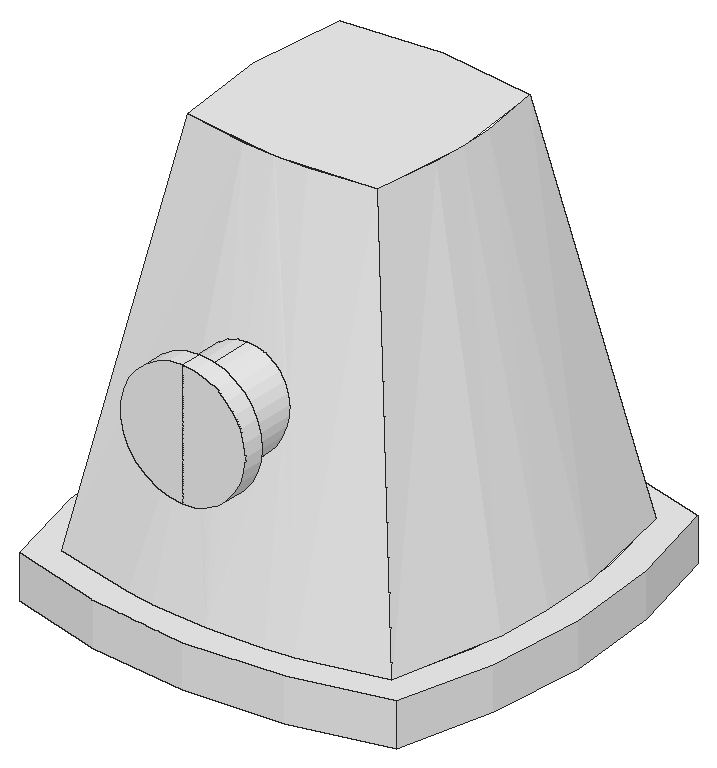
Revit family "Shower_Elbow-GROHE-Grandera-27971_Series", category Plumbing Fixtures, host Face, Revit 2014
Parameters (values of type "27971000")
  Width = 2 97/128"
  Waste Connection = no
  Warranty Documentation Link = "https://cdn.cloud.grohe.com/tpi/1000/1900/1940/1949/1949006/original/1949006.pdf"
  WFU = 4  # constant formula
  Vent Connection = no
  URL = "https://www.grohe.us/"
  Type Comments = ""
  Tempered Connection Radius = Tempered Connection Diameter / 2  # 1/4"
  Tempered Connection Diameter = Hot Water Connection Diameter  # 1/2"
  Product Page URL = "https://www.grohe.us/en_us/grandera-shower-outlet-elbow-27971000.html"
  Price = "Prices may vary. Please consult Manufacturer Representative for most up-to-date price list."  # constant formula
  Model = "27971000"
  Material = "Metal-Grohe-000-Chrome"
  Manufacturer = "Grohe"
  Length = 3 3/16"  # constant formula
  Installation Type = "Wall Mounted"
  Hot Water Connection Radius = Hot Water Connection Diameter / 2  # 1/4"
  Hot Water Connection Diameter = Cold Water Connection Diameter  # 1/2"
  Height = 2 183/256"
  HWFU = 3  # constant formula
  Finish = Metal-Grohe-000-Chrome
  Description = "Grandera Shower Outlet Elbow"  # constant formula
  Default Elevation = 0"  # constant formula
  Creation Date = "03/08/2017"  # constant formula
  Cold Water Connection Radius = 1/4"  # constant formula
  Cold Water Connection Diameter = Cold Water Connection Radius * 2  # 1/2"
  CWFU = 3  # constant formula
  Assembly Code = "D2090800"
Types (3): name | Product Page URL | Model | Material | Finish
  (no name) | "https://www.grohe.us/en_us/grandera-shower-outlet-elbow-27971000.html" | "27971000" | "Metal-Grohe-000-Chrome" | Metal-Grohe-000-Chrome
  27971000 | "https://www.grohe.us/en_us/grandera-shower-outlet-elbow-27971000.html" | "27971000" | "Metal-Grohe-000-Chrome" | Metal-Grohe-000-Chrome
  27971EN0 | "https://www.grohe.us/en_us/grandera-shower-outlet-elbow-27971EN0.html" | "27971EN0" | "Metal-Grohe-EN0-Brushed Nickel" | Metal-Grohe-EN0-Brushed Nickel
Reference planes (in)
  plane 1 "Center (Front/Back)": y = 0
  plane 2: z = 0
  plane 3 "Center (Left/Right)": x = 0
  plane 4: y = 1.37891
  plane 5: y = -1.37891
  plane 6: y = -0.75787
  plane 7: y = 0.75787
  plane 8: x = -1.37891
  plane 9: x = 1.37891
  plane 10: z = 1.4375
  plane 11: z = 2.6875
  plane 12: z = 1.6875
Forms (in)
  Extrusion 1, solid, material "Metal-Grohe-000-Chrome" <- "Finish"
    sketch origin (0, 0, 0) x (1, 0, 0) y (0, 1, 0)
      loop
        arc (1.18145, 1.18144) -> (0, 1.3782) -> (-1.18144, 1.18144) r 3.64541
        arc (-1.18144, 1.18144) -> (-1.3782, 0) -> (-1.18144, -1.18144) r 3.64541
        arc (-1.18144, -1.18144) -> (0, -1.3782) -> (1.18145, -1.18144) r 3.64541
        arc (1.18145, -1.18144) -> (1.37811, 0) -> (1.18145, 1.18144) r 3.64703
    from 0 to 0.2674
  Blend 2, solid, material "Metal-Grohe-000-Chrome" <- "Finish"
    base sketch origin (0, 0, 0) x (1, 0, 0) y (0, 1, 0)
      loop
        arc (1.0826, 1.08261) -> (0, 1.2532) -> (-1.08261, 1.0826) r 3.52041
        arc (-1.08261, 1.0826) -> (-1.2532, 0) -> (-1.0826, -1.08261) r 3.52041
        arc (-1.0826, -1.08261) -> (0, -1.2532) -> (1.0826, -1.08261) r 3.52041
        arc (1.0826, -1.08261) -> (1.25311, 0) -> (1.0826, 1.08261) r 3.52203
    top sketch origin (0, 0, 0) x (1, 0, 0) y (0, 1, 0)
      loop
        arc (0.5977, 0.59777) -> (-0.00003, 0.65945) -> (-0.59776, 0.59776) r 2.92666
        arc (-0.59776, 0.59776) -> (-0.65945, 0) -> (-0.59776, -0.59776) r 2.92666
        arc (-0.59776, -0.59776) -> (-0.00003, -0.65945) -> (0.5977, -0.59777) r 2.92666
        arc (0.5977, -0.59777) -> (0.65936, 0) -> (0.5977, 0.59777) r 2.92828
    from 0 to 2.6875
  Revolve 3, solid, material "Metal-Grohe-000-Chrome" <- "Finish"
    sketch origin (0, 0, 0) x (0, 1, 0) y (0, 0, 1)
      loop
        line (0, 1.4375) -> (0, 1.73437) -> (-1.25, 1.73437) -> (-1.25, 1.82897) -> (-1.37891, 1.82897) -> (-1.37891, 1.4375) -> (0, 1.4375)
      axis (-1.37891, 1.4375) -> (0, 1.4375)
    angle from 0 to 360
Cuts and joins
  joined: Extrusion 1, Blend 2, Revolve 3
Lines and regions (in)
  Masking region 1
    outline origin (0, 0, 0) x (1, 0, 0) y (0, 0, 1)
      loop
        line (1.37811, 0) -> (1.37811, 0.2674) -> (1.19404, 0.2674) -> (0.65936, 2.6875) -> (-0.65945, 2.6875) -> (-1.19413, 0.2674) -> (-1.3782, 0.2674) -> (-1.3782, 0) -> (1.37811, 0)
  symbolic lines, detail levels medium+fine
    curve 1: line (1.18145, 0, 0.2674) -> (-1.16858, 0, 0.2674)
  symbolic lines, detail levels fine
    curve 2: line (0.5977, 0, 2.6875) -> (1.03435, 0, 0.2674)
    curve 3: line (-1.03436, 0, 0.2674) -> (-0.59731, 0, 2.68996)
    curve 4: line (1.18145, 0, 0) -> (1.18145, 0, 0.2674)
    curve 5: line (-1.16858, 0, 0) -> (-1.16858, 0, 0.2674)
Dimensions and locks (in)
  equal spacing: plane 5, plane 1 "Center (Front/Back)", plane 4
  "Width": plane 5 to plane 4
  equal spacing: plane 8, plane 3 "Center (Left/Right)", plane 9
  "Width": plane 8 to plane 9
  aligned and locked: plane 2 to host face
  aligned and locked: level to host face
Automatic sketch dimensions
  host sketch curve to host sketch curve = 96"  (x2)
  plane 1 "Center (Front/Back)" to Extrusion 1 sketch curve = 0"  (x2)
  plane 3 "Center (Left/Right)" to Extrusion 1 sketch curve = 0"
  Extrusion 1 sketch curve to plane 9 = 0.88831"
  Extrusion 1 sketch curve to plane 5 = 0.88831"
  plane 8 to Extrusion 1 sketch curve = 0.19746"  (x2)
  plane 9 to Extrusion 1 sketch curve = 0.19746"  (x2)
  plane 5 to Extrusion 1 sketch curve = 0.19746"
  Extrusion 1 sketch curve to plane 8 = 0.89001"
  Extrusion 1 sketch curve to plane 4 = 0.88831"
  plane 1 "Center (Front/Back)" to Blend 2 sketch curve = 0"  (x4)
  Blend 2 sketch curve to plane 8 = 0.89001"  (x2)
  Blend 2 sketch curve to plane 3 "Center (Left/Right)" = 0"  (x2)
  plane 3 "Center (Left/Right)" to Blend 2 sketch curve = 0"  (x2)
  Blend 2 sketch curve to plane 9 = 0.88831"  (x2)
  Blend 2 sketch curve to plane 5 = 0.88831"  (x2)
  Blend 2 sketch curve to plane 4 = 0.88831"  (x2)
  plane 8 to Blend 2 sketch curve = 0.2963"  (x2)
  plane 9 to Blend 2 sketch curve = 0.29631"
  plane 5 to Blend 2 sketch curve = 0.2963"
  plane 7 to Blend 2 sketch curve = 0.16012"
  Blend 2 sketch curve to plane 3 "Center (Left/Right)" = 0.59776"
  plane 6 to Blend 2 sketch curve = 0.16012"
  plane 7 to Blend 2 sketch curve = 0.16011"
  Revolve 3 sketch curve to plane 5 = 0"
  Revolve 3 sketch curve to plane 1 "Center (Front/Back)" = 0"
  Revolve 3 sketch curve to plane 10 = 0"  (x2)
  Revolve 3 sketch curve to plane 4 = 0"
  plane 12 to Revolve 3 sketch curve = 3/64"
  plane 5 to Revolve 3 sketch curve = 33/256"
  plane 12 to Revolve 3 sketch curve = 0.14147"
  plane 7 to Revolve 3 sketch curve = 0.25787"
  curve 5 to level = 0"
  curve 2 to plane 11 = 0"
  curve 4 to level = 0"
  plane 9 to curve 4 = 0.19746"
  level to curve 1 = 0.2674"
  curve 2 to curve 1 = 0.1471"
  plane 3 "Center (Left/Right)" to curve 2 = 0.5977"
  plane 11 to curve 3 = 0.00246"
  curve 3 to plane 3 "Center (Left/Right)" = 0.59731"
  plane 8 to curve 3 = 0.34454"
  curve 5 to curve 3 = 0.13422"
  Masking region 1 sketch curve to plane 11 = 0"
  Masking region 1 sketch curve to level = 0"
  plane 8 to Masking region 1 sketch curve = 0.00071"
  Masking region 1 sketch curve to Masking region 1 sketch curve = 0.18408"
  Masking region 1 sketch curve to plane 3 "Center (Left/Right)" = 0.65945"
  plane 3 "Center (Left/Right)" to Masking region 1 sketch curve = 0.65936"
  plane 9 to Masking region 1 sketch curve = 0.18487"
  plane 9 to Masking region 1 sketch curve = 0.0008"
  level to Masking region 1 sketch curve = 0.2674"  (x2)
Connectors (in)
  piping at (0, 0, 0), diameter 0.5, driven by "Tempered Connection Diameter"
    settings: on cut or joined group of Extrusion 1, Blend 2, Revolve 3, index 1, connector inside diameter 24", connector length 0", flow factor 0, pipe flow 0 GPM, pressure drop 0.00 psi, fitting loss kfactor 0, connector angle 0.00°, fixture units 0, engagement length 0", angle of deflection 0.00°, flow configuration 0, flow direction 1, fitting loss method 0, system type 29, joint type 0, gender type 0, connector reference index -1, connector utility 0, adjustable connector no, is connector primary yes, connector description "1/2\" NPT Supply Inlet"
